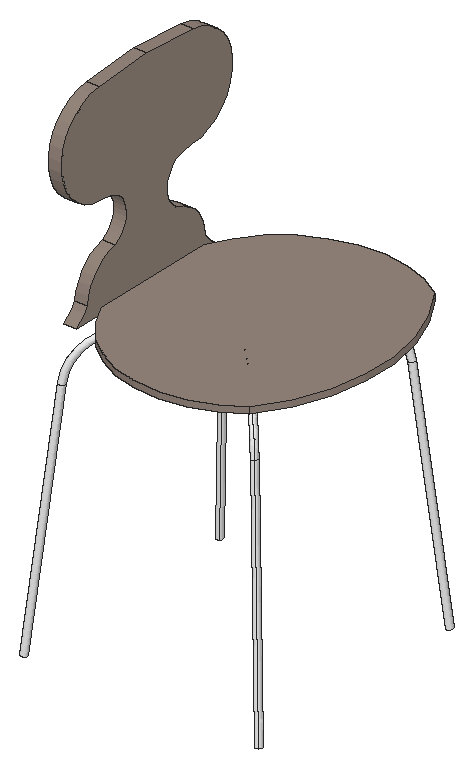
Revit family "Chair 1", category Furniture, Revit 2026
Family settings
  Work Plane-Based = No
  Enable Cutting in Views = No
  Always vertical = Yes
  Cut with Voids When Loaded = No
  Render Appearance Source = Family Geometry
  Shared = No
  Room Calculation Point = No
Parameters
  Keynote = "12600"
  Manufacturer = ""
  Default Elevation = 0 mm
  Bracket Material = Herman Miller - Finish 47 Trivalent Chrome
  Model = ""
  Cushion/Chair Back Material = Herman Miller - Veneer Z5 Maple
Reference planes
  plane 1 "Center F/B": y = -198.997
  plane 2: z = 0
  plane 3 "Center L/R": x = -1.022
Forms (mm)
  Sweep 1, solid, material "Herman Miller - Finish 47 Trivalent Chrome" <- "Bracket Material"
    path origin (61.052, -65.204, 45) x (0, 0, -1) y (0.707107, -0.707107, 0)
      loop
        line (45, -82.843) -> (-332.364, -36.508)
        arc (-332.364, -36.508) -> (-382.531, -10.114) -> (-402.615, 42.895) r 80
        line (-402.615, 42.895) -> (-402.615, 181.322)
    profile origin (18.855, -23.007, 188.682) x (-0.701836, 0.701836, 0.121869) y (-0.707107, -0.707107, 0)
      loop
        circle (0, 0) r 5
  Sweep 2, solid, material "Herman Miller - Finish 47 Trivalent Chrome" <- "Bracket Material"
    path origin (57.516, -325.168, 45) x (0, 0, -1) y (0.707107, 0.707107, 0)
      loop
        line (45, -82.843) -> (-332.364, -36.508)
        arc (-332.364, -36.508) -> (-382.531, -10.114) -> (-402.615, 42.895) r 80
        line (-402.615, 42.895) -> (-402.615, 181.322)
    profile origin (15.319, -367.364, 188.682) x (-0.701836, -0.701836, 0.121869) y (0.707107, -0.707107, 0)
      loop
        circle (0, 0) r 5
  Sweep 3, solid, material "Herman Miller - Finish 47 Trivalent Chrome" <- "Bracket Material"
    path origin (303.338, -65.204, 45) x (0, 0, -1) y (0.707107, 0.707107, 0)
      loop
        line (45, 82.843) -> (-332.364, 36.508)
        arc (-332.364, 36.508) -> (-382.531, 10.114) -> (-402.615, -42.895) r 80
        line (-402.615, -42.895) -> (-402.615, -181.322)
    profile origin (345.535, -23.007, 188.682) x (0.701836, 0.701836, 0.121869) y (-0.707107, 0.707107, 0)
      loop
        circle (0, 0) r 5
  Sweep 4, solid, material "Herman Miller - Finish 47 Trivalent Chrome" <- "Bracket Material"
    path origin (306.873, -325.168, 45) x (0, 0, -1) y (0.707107, -0.707107, 0)
      loop
        line (45, 82.843) -> (-332.364, 36.508)
        arc (-332.364, 36.508) -> (-382.531, 10.114) -> (-402.615, -42.895) r 80
        line (-402.615, -42.895) -> (-402.615, -181.322)
    profile origin (349.07, -367.364, 188.682) x (0.701836, -0.701836, 0.121869) y (0.707107, 0.707107, 0)
      loop
        circle (0, 0) r 5
  Extrusion 5, solid, material "Herman Miller - Veneer Z5 Maple" <- "Cushion/Chair Back Material"
    sketch origin (0, 0, 0) x (1, 0, 0) y (0, 1, 0)
      loop
        arc (340, -9.099) -> (152.776, 17.913) -> (32.728, -128.274) r 192.616
        line (32.728, -128.274) -> (32.728, -249.923)
        arc (32.728, -249.923) -> (152.776, -396.11) -> (340, -369.099) r 192.616
        arc (340, -369.099) -> (400.673, -189.099) -> (340, -9.099) r 297.34
    from 450 to 460
  Extrusion 6, solid, material "Herman Miller - Veneer Z5 Maple" <- "Cushion/Chair Back Material"
    sketch origin (390, -409.099, -27.081) x (0, 0, -1) y (0, 1, 0)
      loop
        arc (-498.809, 95.839) -> (-486.21, 86.065) -> (-477.081, 72.99) r 53.087
        line (-477.081, 72.99) -> (-477.081, 347.212)
        arc (-477.081, 347.212) -> (-486.21, 334.138) -> (-498.809, 324.364) r 53.087
        arc (-498.809, 324.364) -> (-539.073, 308.301) -> (-561.143, 270.989) r 67.175
        arc (-561.143, 270.989) -> (-601.737, 249.17) -> (-634.197, 281.887) r 38.521
        line (-634.197, 281.887) -> (-636.604, 298.938)
        arc (-636.604, 298.938) -> (-714.694, 376.726) -> (-796.127, 302.444) r 79.872
        line (-796.127, 302.444) -> (-802.584, 210.101) -> (-796.127, 117.759)
        arc (-796.127, 117.759) -> (-714.694, 43.477) -> (-636.604, 121.265) r 79.872
        line (-636.604, 121.265) -> (-634.197, 138.316)
        arc (-634.197, 138.316) -> (-601.737, 171.033) -> (-561.143, 149.213) r 38.521
        arc (-561.143, 149.213) -> (-539.073, 111.901) -> (-498.809, 95.839) r 67.175
    from -367.272 to -347.272
Dimensions and locks
  aligned and locked: plane 1 "Center F/B" to Extrusion 6
